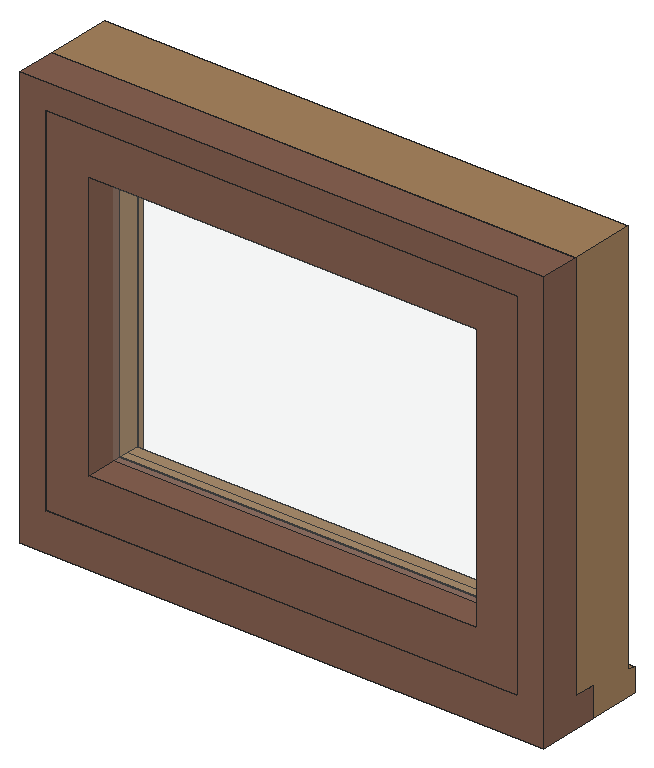
Revit family "Window-Hopper-Duratherm-Wood1", category Windows, host Wall, Revit 2013
Parameters (values of type "30" x 24"")
  Visible Light Transmission = 0.7  # constant formula
  URL = "www.durathermwindow.com"
  U Value = 0.33  # constant formula
  Type Comments = "30\" x 24\" Hopper Wood Window with Lever Handle Operator"
  Style = "Hopper"  # constant formula
  Solar Heat Gain Coefficient = 0.38  # constant formula
  Screen Frame Material [instance] = Aluminum - Duratherm - Dark Bronze Anodized - EV5
  Rough Width = Width + 0' 1"  # 2' - 7"
  Rough Height = Height + 0' 1"  # 2' - 1"
  R Value = 3.03  # constant formula
  Product Documentation Link = "http://www.durathermwindow.com/windows/hopper"
  Operation = "Hopper"  # constant formula
  Swing Open Distance = (Height - 0' 6 3/4") / 2  # 0' - 8 5/8"
  Model = "Hopper"
  Manufacturer = "Duratherm Window Corporation"  # constant formula
  LEED Credit = "MR Credit 7"  # constant formula
  Interior Material [instance] = Wood - Duratherm - SAPMAH - Sapele Mahogany
  Height = if(Desired Height < 1' 6", 1' 6", Desired Height)  # 2' - 0"
  Glazing Opening Size SF = (Width - 0' 7 3/8") * (Height - 0' 8 1/8")  # 2.49425 SF
  Glazing Material [instance] = Glass ‐ Duratherm ‐ Solarban 60
  Glazing = "Low E"  # constant formula
  Frame Inset Distance from Interior Wall Face [instance] = 0' - 0"
  Frame Depth [instance] = if(Custom Frame Depth Desired, if(Custom Frame Depth < 0' 6 1/4", 0' 6 1/4", Custom Frame Depth), 0' 6 1/4")  # 0' - 6 1/4"
  Exterior Material [instance] = Wood - Duratherm - TEAK - Teak
  Energy Star Zone = "N,NC,SC,S"  # constant formula
  Desired Width = 2' - 6"
  Desired Height = 2' - 0"
  Design Pressure = "DP60"  # constant formula
  Description = "Wood hopper window with 1\" insulated glazing. Contact manufacturer for customized needs."
  Default Sill Height = 3' - 0"
  Wall Closure = By host
  Width = if(Desired Width < 1' 6", 1' 6", Desired Width)  # 2' - 6"
  Custom Frame Depth Desired [instance] = no
  Custom Frame Depth [instance] = 0' - 10"
  Assembly Code = "B2020130"
  Air Leakage = 0.007  # constant formula
Reference planes (in)
  plane 1 "Center (Front/Back)": y = 0
  plane 2: z = 0
  plane 3 "Center (Left/Right)": x = 0
  plane 4 "Left Rough Opening": x = -15.5
  plane 5 "Right Rough Opening": x = 15.5
  plane 6 "Sill Rough Opening": z = 35.5
  plane 7 "Head Rough Opening": z = 60.5
  plane 8 "Left Frame Edge": x = -15
  plane 9 "Left Frame Glazing Side": x = -14
  plane 10 "Left Glazing Edge": x = -11.5
  plane 11 "Right Frame Edge": x = 15
  plane 12 "Right Frame Glazing Side": x = 14
  plane 13 "Right Glazing Edge": x = 11.5
  plane 14 "Interior Face of Glazing": y = -3.125
  plane 15 "Exterior Edge of Frame": y = 1.25
  plane 16 "Interior Edge of Frame": y = -5
  plane 17 "Exterior Face of Sill Nosing": y = 1.75
  plane 18 "Exterior Face of Glazing": y = -2.125
  plane 19 "Glazing Centerline": y = -2.625
  plane 20 "Sash Exterior Face": y = -1.375
  plane 21 "Sash Interior Face": y = -4.9375
  plane 22 "Screen Frame Exterior Face": y = -0.125
  plane 23 "Screen Face": y = -0.375
  plane 24 "Screen Frame Left Edge": x = -12.4375
  plane 25 "Screen Frame Right Edge": x = 12.4375
  plane 26 "Head Frame Edge": z = 60
  plane 27 "Head Frame Glazing Side": z = 59
  plane 28 "Screen Frame Head Edge": z = 57.4375
  plane 29 "Head Glazing Edge": z = 56.3125
  plane 30 "Sill Frame Edge": z = 36
  plane 31 "Top of Sill Nosing": z = 36.875
  plane 32 "Top of Sill Interior Side": z = 37.75
  plane 33 "Sill Glazing Edge": z = 40.4375
  plane 34 "Screen Frame Sill Bottom Edge": z = 37.25
  plane 35 "Inner Swing Open Edge": y = -11.75
  plane 36 "Head Exterior Trim Bottom Edge": z = 58.25
  plane 37 "Screen Frame Sill Top Edge": z = 38.25
  plane 38 "Left Interior Trim Screen Side": x = -13.25
  plane 39 "Right Interior Trim Screen Side": x = 13.25
Forms (in)
  Sweep 1, solid, material "Wood - Duratherm - TEAK - Teak" <- "Exterior Material"
    path origin (0, -2.625, 0) x (-1, 0, 0) y (0, 0, 1)
      loop
        line (15.5, 35.5) -> (15.5, 60.5) -> (-15.5, 60.5) -> (-15.5, 35.5)
    profile origin (-15.5, -2.625, 48) x (1, 0, 0) y (0, 1, 0)
      loop
        line (2.25, 3.875) -> (0, 3.875) -> (0, 0) -> (1.5, 0) -> (1.5, 1.25) -> (2.25, 1.25) -> (2.25, 3.875)
  Sweep 2, solid, material "Wood - Duratherm - SAPMAH - Sapele Mahogany" <- "Interior Material"
    path origin (0, -2.625, 0) x (-1, 0, 0) y (0, 0, 1)
      loop
        line (15.5, 35.5) -> (15.5, 60.5) -> (-15.5, 60.5) -> (-15.5, 35.5)
    profile origin (-15.5, -2.625, 48) x (1, 0, 0) y (0, 1, 0)
      loop
        line (1.5, 0) -> (0, 0) -> (0, -2.375) -> (1.5, -2.375) -> (1.5, 0)
  Extrusion 3, solid, material "Wood - Duratherm - SAPMAH - Sapele Mahogany" <- "Interior Material"
    sketch origin (0, 0, 0) x (0, 1, 0) y (0, 0, 1)
      loop
        line (-5, 35.5) -> (-1.375, 35.5) -> (-1.375, 37.25) -> (-2.625, 37.25) -> (-2.625, 37.75) -> (-5, 37.75) -> (-5, 35.5)
    from -15.5 to 15.5
  Extrusion 4, solid, material "Wood - Duratherm - TEAK - Teak" <- "Exterior Material"
    sketch origin (0, 0, 0) x (0, 1, 0) y (0, 0, 1)
      loop
        line (-1.375, 35.5) -> (1.75, 35.5) -> (1.75, 36.875) -> (-0.375, 37.25) -> (-0.375, 38.4375) -> (-1.375, 38.875) -> (-1.375, 35.5)
    from -15.5 to 15.5
  Extrusion 5, solid, material "Wood - Duratherm - SAPMAH - Sapele Mahogany" <- "Interior Material"
    sketch origin (0, -2.625, 0) x (-1, 0, 0) y (0, 0, 1)
      loop
        line (-14, 37.75) -> (14, 37.75) -> (14, 59) -> (-14, 59) -> (-14, 37.75)
      loop
        line (-11.5, 40.4375) -> (11.5, 40.4375) -> (11.5, 56.3125) -> (-11.5, 56.3125) -> (-11.5, 40.4375)
    from -2.3125 to 0
  Extrusion 6, solid, material "Wood - Duratherm - TEAK - Teak" <- "Exterior Material"
    sketch origin (2.5, -2.625, 0) x (-1, 0, 0) y (0, 0, 1)
      loop
        line (-11.5, 37.25) -> (15.75, 37.25) -> (15.75, 59) -> (-11.5, 59) -> (-11.5, 37.25)
      loop
        line (-9, 40.4375) -> (14, 40.4375) -> (14, 56.3125) -> (-9, 56.3125) -> (-9, 40.4375)
    from 0 to 1.25
  Extrusion 7, solid, material "Glass ‐ Duratherm ‐ Solarban 60" <- "Glazing Material"
    sketch origin (0, -2.625, 0) x (-1, 0, 0) y (0, 0, 1)
      loop
        line (-11.5, 40.4375) -> (11.5, 40.4375) -> (11.5, 56.3125) -> (-11.5, 56.3125) -> (-11.5, 40.4375)
    from -0.5 to 0.5
  Extrusion 8, solid, material "Aluminum - Duratherm - Dark Bronze Anodized - EV5" <- "Screen Frame Material", detail levels fine
    sketch origin (0, -0.125, 0) x (-1, 0, 0) y (0, 0, 1)
      loop
        line (-13.25, 37.25) -> (13.25, 37.25) -> (13.25, 58.25) -> (-13.25, 58.25) -> (-13.25, 37.25)
      loop
        line (-12.4375, 38.25) -> (12.4375, 38.25) -> (12.4375, 57.4375) -> (-12.4375, 57.4375) -> (-12.4375, 38.25)
    from -0.25 to 0
Cuts and joins
  joined: Sweep 2, Extrusion 3
  joined: Sweep 1, Extrusion 4
Lines and regions (in)
  Opening 1
    outline origin (-60, -5, 0) x (1, 0, 0) y (0, 0, 1)
      loop
        line (44.5, 60.5) -> (44.5, 35.5) -> (75.5, 35.5) -> (75.5, 60.5) -> (44.5, 60.5)
  Masking region 1
    outline origin (0, -2.625, 0) x (-1, 0, 0) y (0, 0, 1)
      loop
        line (-15.5, 35.5) -> (15.5, 35.5) -> (15.5, 60.5) -> (-15.5, 60.5) -> (-15.5, 35.5)
  Masking region 2, detail levels coarse
    outline origin (0, 0, 35.5) x (0, -1, 0) y (1, 0, 0)
      loop
        line (5, -15.5) -> (5, -11.5) -> (-1.25, -11.5) -> (-1.25, -15.5) -> (5, -15.5)
  Masking region 3, detail levels coarse
    outline origin (0, 0, 35.5) x (0, -1, 0) y (1, 0, 0)
      loop
        line (5, 11.5) -> (5, 15.5) -> (-1.25, 15.5) -> (-1.25, 11.5) -> (5, 11.5)
  Masking region 4, detail levels coarse
    outline origin (0, 0, 0) x (0, 1, 0) y (0, 0, 1)
      loop
        line (-5, 60.5) -> (-5, 56.3125) -> (1.25, 56.3125) -> (1.25, 60.5) -> (-5, 60.5)
  Masking region 5, detail levels coarse
    outline origin (0, 0, 0) x (0, 1, 0) y (0, 0, 1)
      loop
        line (-5, 35.5) -> (1.25, 35.5) -> (1.25, 40.4375) -> (-5, 40.4375) -> (-5, 35.5)
  Masking region 6, detail levels medium+fine
    outline origin (0, 0, 35.5) x (0, -1, 0) y (1, 0, 0)
      loop
        line (5, -15.5) -> (5, -14) -> (-1.25, -14) -> (-1.25, -15.5) -> (5, -15.5)
  Masking region 7, detail levels medium+fine
    outline origin (0, 0, 35.5) x (0, -1, 0) y (1, 0, 0)
      loop
        line (5, 14) -> (5, 15.5) -> (-1.25, 15.5) -> (-1.25, 14) -> (5, 14)
  Masking region 8, detail levels medium
    outline origin (0, 0, 35.5) x (0, -1, 0) y (1, 0, 0)
      loop
        line (4.9375, -14) -> (4.9375, -11.5) -> (1.375, -11.5) -> (1.375, -13.25) -> (-1.25, -13.25) -> (-1.25, -14) -> (4.9375, -14)
  Masking region 9, detail levels medium
    outline origin (0, 0, 35.5) x (0, -1, 0) y (1, 0, 0)
      loop
        line (4.9375, 11.5) -> (4.9375, 14) -> (-1.25, 14) -> (-1.25, 13.25) -> (1.375, 13.25) -> (1.375, 11.5) -> (4.9375, 11.5)
  Masking region 10, detail levels fine
    outline origin (4.85621, -2.70709, 35.5) x (0, -1, 0) y (1, 0, 0)
      loop
        line (2.23041, -18.85621) -> (2.23041, -16.35621) -> (0.41791, -16.35621) -> (0.41791, -16.85621) -> (-0.58209, -16.85621) -> (-0.58209, -16.35621) -> (-1.33209, -16.35621) -> (-1.33209, -18.10621) -> (-3.95709, -18.10621) -> (-3.95709, -18.85621) -> (2.23041, -18.85621)
  Masking region 11, detail levels fine
    outline origin (-1.51554, 0.875, 35.5) x (0, -1, 0) y (1, 0, 0)
      loop
        line (5.8125, 13.01554) -> (5.8125, 15.51554) -> (-0.375, 15.51554) -> (-0.375, 14.76554) -> (2.25, 14.76554) -> (2.25, 13.01554) -> (3, 13.01554) -> (3, 13.51554) -> (4, 13.51554) -> (4, 13.01554) -> (5.8125, 13.01554)
  Masking region 12, detail levels medium
    outline origin (0, 0, 0) x (0, 1, 0) y (0, 0, 1)
      loop
        line (-5, 35.5) -> (1.25, 35.5) -> (1.25, 37.25) -> (-0.375, 37.25) -> (-0.375, 38.25) -> (-1.375, 38.25) -> (-1.375, 40.4375) -> (-5, 40.4375) -> (-5, 35.5)
  Masking region 13, detail levels fine
    outline origin (0, 0, 0) x (0, 1, 0) y (0, 0, 1)
      loop
        line (-5, 35.5) -> (1.75, 35.5) -> (1.75, 36.875) -> (-0.125, 37.25) -> (-0.125, 38.25) -> (-0.375, 38.25) -> (-0.375, 38.4375) -> (-1.375, 38.875) -> (-1.375, 40.4375) -> (-2.125, 40.4375) -> (-2.125, 39.9375) -> (-3.125, 39.9375) -> (-3.125, 40.4375) -> (-5, 40.4375) -> (-5, 35.5)
  Masking region 14, detail levels medium
    outline origin (0, 0, 0) x (0, 1, 0) y (0, 0, 1)
      loop
        line (-5, 56.3125) -> (-1.375, 56.3125) -> (-1.375, 58.25) -> (1.25, 58.25) -> (1.25, 60.5) -> (-5, 60.5) -> (-5, 56.3125)
  Masking region 15, detail levels fine
    outline origin (0, 0, 0) x (0, 1, 0) y (0, 0, 1)
      loop
        line (-5, 60.5) -> (-5, 56.3125) -> (-3.125, 56.3125) -> (-3.125, 56.8125) -> (-2.125, 56.8125) -> (-2.125, 56.3125) -> (-1.375, 56.3125) -> (-1.375, 58.25) -> (-0.125, 58.25) -> (-0.125, 59) -> (1.25, 59) -> (1.25, 60.5) -> (-5, 60.5)
  symbolic lines, style "WindowsGlassProjection"
    curve 1: line (11.5, -2.625, 40.4375) -> (-11.5, -2.625, 40.4375)
    curve 2: line (11.5, -2.625, 56.3125) -> (11.5, -2.625, 40.4375)
    curve 3: line (-11.5, -2.625, 56.3125) -> (11.5, -2.625, 56.3125)
    curve 4: line (-11.5, -2.625, 40.4375) -> (-11.5, -2.625, 56.3125)
  symbolic lines, style "WindowsGlassProjection", detail levels fine
    curve 5: line (12.4375, -0.125, 57.4375) -> (12.4375, -0.125, 38.25)
    curve 6: line (-12.4375, -0.125, 57.4375) -> (12.4375, -0.125, 57.4375)
    curve 7: line (-12.4375, -0.125, 38.25) -> (-12.4375, -0.125, 57.4375)
    curve 29: line (-12, -2.375, 35.5) -> (12, -2.375, 35.5)
    curve 30: line (-12, -2.875, 35.5) -> (12, -2.875, 35.5)
    curve 37: line (0, -0.375, 58.25) -> (0, -0.375, 38.4375)
    curve 43: line (0, -2.875, 56.8125) -> (0, -2.875, 39.9375)
    curve 44: line (0, -2.375, 56.8125) -> (0, -2.375, 39.9375)
  symbolic lines, style "WindowsFrameMullionProjection", detail levels fine
    curve 8: line (15, -2.625, 36) -> (-15, -2.625, 36)
    curve 9: line (15, -2.625, 60) -> (15, -2.625, 36)
    curve 10: line (-15, -2.625, 60) -> (15, -2.625, 60)
    curve 11: line (-15, -2.625, 36) -> (-15, -2.625, 60)
    curve 13: line (13.25, 1.25, 37.25) -> (-13.25, 1.25, 37.25)
    curve 27: line (-15, -5, 35.5) -> (-15, 1.25, 35.5)
    curve 28: line (15, 1.25, 35.5) -> (15, -5, 35.5)
    curve 36: line (0, -5, 59) -> (0, -1.375, 59)
    curve 40: line (0, -5, 60) -> (0, 1.25, 60)
    curve 41: line (0, -5, 36) -> (0, 1.75, 36)
    curve 46: line (12.4375, -0.125, 38.25) -> (-12.4375, -0.125, 38.25)
    curve 48: line (0, -1.375, 37.75) -> (0, -1.375, 38.875)
  symbolic lines, style "WindowsFrameMullionProjection", detail levels medium+fine
    curve 12: line (15, 1.75, 36.875) -> (-15, 1.75, 36.875)
    curve 14: line (13.25, 1.25, 58.25) -> (13.25, 1.25, 36.875)
    curve 15: line (-13.25, 1.25, 36.875) -> (-13.25, 1.25, 58.25)
    curve 16: line (14, -5, 36.875) -> (-14, -5, 36.875)
    curve 17: line (14, -5, 59) -> (14, -5, 36.875)
    curve 18: line (-14, -5, 59) -> (14, -5, 59)
    curve 19: line (-14, -5, 36.875) -> (-14, -5, 59)
    curve 47: line (0, -5, 37.75) -> (0, -1.375, 37.75)
    curve 50: line (0, -5, 59) -> (0, -1.375, 59)
    curve 51: line (0, -1.375, 59) -> (0, -1.375, 58.25)
  symbolic lines, style "WindowsFrameMullionProjection", detail levels medium
    curve 20: line (15.5, 1.75, 36.875) -> (15, 1.75, 36.875)
    curve 21: line (-15, 1.75, 36.875) -> (-15.5, 1.75, 36.875)
    curve 42: line (0, -5, 59) -> (0, -1.375, 59)
    curve 49: line (0, -1.375, 37.75) -> (0, -1.375, 38.25)
  symbolic lines, style "Elevation Swing", detail levels medium+fine
    curve 22: line (11.5, -2.625, 56.3125) -> (0, -2.625, 40.4375)
    curve 23: line (-11.5, -2.625, 56.3125) -> (0, -2.625, 40.4375)
  symbolic lines, style "WindowsGlassProjection", detail levels coarse
    curve 24: line (-11.5, -2.625, 35.5) -> (11.5, -2.625, 35.5)
    curve 35: line (0, -2.625, 40.4375) -> (0, -2.625, 56.3125)
  symbolic lines, style "WindowsGlassProjection", detail levels medium+fine
    curve 25: line (-11.5, -2.125, 35.5) -> (11.5, -2.125, 35.5)
    curve 26: line (-11.5, -3.125, 35.5) -> (11.5, -3.125, 35.5)
    curve 31: line (-13.25, -0.375, 35.5) -> (13.25, -0.375, 35.5)
    curve 38: line (0, -3.125, 56.3125) -> (0, -3.125, 40.4375)
    curve 39: line (0, -2.125, 56.3125) -> (0, -2.125, 40.4375)
  symbolic lines, style "Plan Swing", detail levels medium+fine
    curve 32: line (-14, 1.25, 35.5) -> (-14, -11.75, 35.5)
    curve 33: line (-14, -11.75, 35.5) -> (14, -11.75, 35.5)
    curve 34: line (14, -11.75, 35.5) -> (14, 1.25, 35.5)
  symbolic lines, detail levels medium+fine
    curve 45: line (13.25, 1.25, 58.25) -> (-13.25, 1.25, 58.25)
Text (in)
  text "EXTERIOR" at (-58.6888, 50.90694, 0), in view "Ref. Level"
  text "INTERIOR" at (-58.6888, -37.76638, 0), in view "Ref. Level"
  text "Exterior" at (0, 43.65631, 123.19604), in view "Left"
  text "Exterior" at (0, 18.29385, 125.04747), in view "Right"
Dimensions and locks (in)
  equal spacing: plane 4 "Left Rough Opening", plane 3 "Center (Left/Right)", plane 5 "Right Rough Opening"
  "Width": plane 8 "Left Frame Edge" to plane 11 "Right Frame Edge"
  "Height": plane 30 "Sill Frame Edge" to plane 26 "Head Frame Edge"
  "Default Sill Height": plane 2 to plane 30 "Sill Frame Edge"
  locked: plane 4 "Left Rough Opening" to plane 8 "Left Frame Edge" at 0.5
  locked: plane 11 "Right Frame Edge" to plane 5 "Right Rough Opening" at 0.5
  plane 18 "Exterior Face of Glazing" to plane 19 "Glazing Centerline" to plane 14 "Interior Face of Glazing" = 0' - 0 1/2" locked, 0' - 0 1/2" locked
  "Frame Depth": plane 15 "Exterior Edge of Frame" to plane 16 "Interior Edge of Frame"
  locked: plane 17 "Exterior Face of Sill Nosing" to plane 15 "Exterior Edge of Frame" at 0.5
  "Frame Inset Distance from Interior Wall Face": host wall to plane 16 "Interior Edge of Frame"
  locked: plane 20 "Sash Exterior Face" to plane 19 "Glazing Centerline" at 1.25
  locked: plane 20 "Sash Exterior Face" to plane 21 "Sash Interior Face" at 3.5625
  locked: plane 8 "Left Frame Edge" to plane 10 "Left Glazing Edge" at 3.5
  locked: plane 13 "Right Glazing Edge" to plane 11 "Right Frame Edge" at 3.5
  locked: plane 8 "Left Frame Edge" to plane 9 "Left Frame Glazing Side" at 1
  locked: plane 12 "Right Frame Glazing Side" to plane 11 "Right Frame Edge" at 1
  locked: plane 8 "Left Frame Edge" to plane 24 "Screen Frame Left Edge" at 2.5625
  locked: plane 25 "Screen Frame Right Edge" to plane 11 "Right Frame Edge" at 2.5625
  locked: plane 26 "Head Frame Edge" to plane 7 "Head Rough Opening" at 0.5
  locked: plane 6 "Sill Rough Opening" to plane 30 "Sill Frame Edge" at 0.5
  locked: plane 29 "Head Glazing Edge" to plane 26 "Head Frame Edge" at 3.6875
  plane 27 "Head Frame Glazing Side" to plane 26 "Head Frame Edge" = 0' - 1"
  locked: plane 28 "Screen Frame Head Edge" to plane 26 "Head Frame Edge" at 2.5625
  locked: plane 30 "Sill Frame Edge" to plane 33 "Sill Glazing Edge" at 4.4375
  locked: plane 30 "Sill Frame Edge" to plane 31 "Top of Sill Nosing" at 0.875
  locked: plane 30 "Sill Frame Edge" to plane 32 "Top of Sill Interior Side" at 1.75
  locked: curve 30 to plane 14 "Interior Face of Glazing" at 0.25
  locked: plane 18 "Exterior Face of Glazing" to curve 29 at 0.25
  locked: plane 14 "Interior Face of Glazing" to curve 43 at 0.25
  locked: curve 44 to plane 18 "Exterior Face of Glazing" at 0.25
  locked: plane 15 "Exterior Edge of Frame" to plane 19 "Glazing Centerline" at 3.875
  locked: plane 22 "Screen Frame Exterior Face" to plane 23 "Screen Face" at 0.25
  locked: plane 15 "Exterior Edge of Frame" to plane 22 "Screen Frame Exterior Face" at 1.375
  "Swing Open Distance": plane 14 "Interior Face of Glazing" to plane 35 "Inner Swing Open Edge"
  locked: plane 36 "Head Exterior Trim Bottom Edge" to plane 26 "Head Frame Edge" at 1.75
  locked: plane 30 "Sill Frame Edge" to plane 37 "Screen Frame Sill Top Edge" at 2.25
  locked: plane 30 "Sill Frame Edge" to plane 34 "Screen Frame Sill Bottom Edge" at 1.25
  locked: plane 8 "Left Frame Edge" to plane 38 "Left Interior Trim Screen Side" at 1.75
  locked: plane 39 "Right Interior Trim Screen Side" to plane 11 "Right Frame Edge" at 1.75
  locked: Extrusion 4 sketch curve to plane 30 "Sill Frame Edge" at 2.875
  locked: Extrusion 4 sketch curve to plane 30 "Sill Frame Edge" at 2.4375
  locked: Masking region 10 sketch curve to plane 10 "Left Glazing Edge" at 0.5
  locked: plane 13 "Right Glazing Edge" to Masking region 11 sketch curve at 0.5
  locked: plane 33 "Sill Glazing Edge" to Masking region 13 sketch curve at 0.5
  locked: Masking region 15 sketch curve to plane 29 "Head Glazing Edge" at 0.5
  aligned and locked: plane 7 "Head Rough Opening" to Opening 1 sketch curve
  aligned and locked: plane 6 "Sill Rough Opening" to Opening 1 sketch curve  (x2)
  aligned and locked: plane 5 "Right Rough Opening" to Opening 1 sketch curve
  aligned and locked: plane 4 "Left Rough Opening" to Opening 1 sketch curve
  aligned and locked: level to plane 2
  aligned and locked: Sweep 1 sketch curve to plane 5 "Right Rough Opening"
  aligned and locked: Sweep 1 sketch curve to plane 7 "Head Rough Opening"
  aligned and locked: plane 4 "Left Rough Opening" to Sweep 1 sketch curve
  aligned and locked: plane 6 "Sill Rough Opening" to Sweep 1 sketch curve  (x2)
  aligned and locked: profile plane to Sweep 1 sketch curve
  aligned and locked: plane 15 "Exterior Edge of Frame" to Sweep 1 sketch curve
  aligned and locked: Sweep 2 sketch curve to plane 5 "Right Rough Opening"
  aligned and locked: Sweep 2 sketch curve to plane 7 "Head Rough Opening"
  aligned and locked: plane 4 "Left Rough Opening" to Sweep 2 sketch curve  (x2)
  aligned and locked: plane 6 "Sill Rough Opening" to Sweep 2 sketch curve  (x2)
  aligned and locked: plane 9 "Left Frame Glazing Side" to Sweep 2 sketch curve
  aligned and locked: Sweep 2 sketch curve to plane 16 "Interior Edge of Frame"
  aligned and locked: plane 19 "Glazing Centerline" to Sweep 2 sketch curve
  aligned and locked: plane 6 "Sill Rough Opening" to Extrusion 3 sketch curve
  aligned and locked: Extrusion 3 sketch curve to plane 16 "Interior Edge of Frame"
  aligned and locked: plane 32 "Top of Sill Interior Side" to Extrusion 3 sketch curve
  aligned and locked: Extrusion 3 to plane 5 "Right Rough Opening"
  aligned and locked: plane 4 "Left Rough Opening" to Extrusion 3
  aligned and locked: Extrusion 4 sketch curve to plane 6 "Sill Rough Opening"
  aligned and locked: Extrusion 4 sketch curve to plane 17 "Exterior Face of Sill Nosing"
  aligned and locked: plane 31 "Top of Sill Nosing" to Extrusion 4 sketch curve
  aligned and locked: Extrusion 4 to plane 5 "Right Rough Opening"
  aligned and locked: plane 4 "Left Rough Opening" to Extrusion 4
  aligned and locked: plane 12 "Right Frame Glazing Side" to Extrusion 5 sketch curve
  aligned and locked: Extrusion 5 sketch curve to plane 9 "Left Frame Glazing Side"
  aligned and locked: plane 27 "Head Frame Glazing Side" to Extrusion 5 sketch curve
  aligned and locked: Extrusion 5 sketch curve to plane 32 "Top of Sill Interior Side"
  aligned and locked: plane 29 "Head Glazing Edge" to Extrusion 5 sketch curve
  aligned and locked: Extrusion 5 sketch curve to plane 33 "Sill Glazing Edge"
  aligned and locked: plane 13 "Right Glazing Edge" to Extrusion 5 sketch curve
  aligned and locked: Extrusion 5 sketch curve to plane 10 "Left Glazing Edge"
  aligned and locked: Extrusion 5 to plane 21 "Sash Interior Face"
  aligned and locked: plane 19 "Glazing Centerline" to Extrusion 5
  aligned and locked: plane 12 "Right Frame Glazing Side" to Extrusion 6 sketch curve
  aligned and locked: Extrusion 6 sketch curve to plane 34 "Screen Frame Sill Bottom Edge"
  aligned and locked: Extrusion 6 sketch curve to plane 33 "Sill Glazing Edge"
  aligned and locked: plane 13 "Right Glazing Edge" to Extrusion 6 sketch curve
  aligned and locked: Extrusion 6 sketch curve to plane 10 "Left Glazing Edge"
  aligned and locked: plane 27 "Head Frame Glazing Side" to Extrusion 6 sketch curve
  aligned and locked: plane 29 "Head Glazing Edge" to Extrusion 6 sketch curve
  aligned and locked: Extrusion 6 to plane 19 "Glazing Centerline"
  aligned and locked: plane 20 "Sash Exterior Face" to Extrusion 6
  aligned and locked: plane 13 "Right Glazing Edge" to Extrusion 7 sketch curve
  aligned and locked: plane 29 "Head Glazing Edge" to Extrusion 7 sketch curve
  aligned and locked: Extrusion 7 sketch curve to plane 10 "Left Glazing Edge"
  aligned and locked: Extrusion 7 to plane 14 "Interior Face of Glazing"
  aligned and locked: plane 18 "Exterior Face of Glazing" to Extrusion 7
  aligned and locked: Masking region 1 sketch curve to plane 5 "Right Rough Opening"
  aligned and locked: plane 4 "Left Rough Opening" to Masking region 1 sketch curve
  aligned and locked: Masking region 1 sketch curve to plane 7 "Head Rough Opening"
  aligned and locked: plane 6 "Sill Rough Opening" to Masking region 1 sketch curve
  aligned and locked: plane 13 "Right Glazing Edge" to curve 2
  aligned and locked: curve 4 to plane 10 "Left Glazing Edge"
  aligned and locked: curve 1 to plane 33 "Sill Glazing Edge"
  aligned and locked: plane 25 "Screen Frame Right Edge" to curve 5
  aligned and locked: plane 28 "Screen Frame Head Edge" to curve 6
  aligned and locked: curve 7 to plane 24 "Screen Frame Left Edge"
  aligned and locked: plane 11 "Right Frame Edge" to curve 9
  aligned and locked: plane 26 "Head Frame Edge" to curve 10
  aligned and locked: curve 11 to plane 8 "Left Frame Edge"
  aligned and locked: curve 8 to plane 30 "Sill Frame Edge"
  aligned and locked: curve 12 to plane 31 "Top of Sill Nosing"
  aligned and locked: curve 13 to plane 34 "Screen Frame Sill Bottom Edge"
  aligned and locked: plane 31 "Top of Sill Nosing" to curve 14
  aligned and locked: plane 31 "Top of Sill Nosing" to curve 15
  aligned and locked: plane 12 "Right Frame Glazing Side" to curve 17
  aligned and locked: plane 27 "Head Frame Glazing Side" to curve 18
  aligned and locked: curve 19 to plane 9 "Left Frame Glazing Side"
  aligned and locked: curve 16 to plane 31 "Top of Sill Nosing"
  aligned and locked: plane 5 "Right Rough Opening" to curve 20
  aligned and locked: plane 11 "Right Frame Edge" to curve 20
  aligned and locked: curve 20 to plane 31 "Top of Sill Nosing"
  aligned and locked: plane 4 "Left Rough Opening" to curve 21
  aligned and locked: plane 8 "Left Frame Edge" to curve 21
  aligned and locked: curve 21 to plane 31 "Top of Sill Nosing"
  aligned and locked: plane 3 "Center (Left/Right)" to curve 22
  aligned and locked: plane 10 "Left Glazing Edge" to Extrusion 6  (x2)
  aligned and locked: plane 4 "Left Rough Opening" to Masking region 2 sketch curve
  aligned and locked: plane 10 "Left Glazing Edge" to Masking region 2 sketch curve
  aligned and locked: plane 15 "Exterior Edge of Frame" to Masking region 2 sketch curve
  aligned and locked: Masking region 2 sketch curve to plane 16 "Interior Edge of Frame"
  aligned and locked: Masking region 3 sketch curve to plane 5 "Right Rough Opening"
  aligned and locked: Masking region 3 sketch curve to plane 13 "Right Glazing Edge"
  aligned and locked: plane 15 "Exterior Edge of Frame" to Masking region 3 sketch curve
  aligned and locked: Masking region 3 sketch curve to plane 16 "Interior Edge of Frame"
  aligned and locked: plane 10 "Left Glazing Edge" to curve 24
  aligned and locked: plane 13 "Right Glazing Edge" to curve 24
  aligned and locked: curve 24 to plane 19 "Glazing Centerline"
  aligned and locked: plane 10 "Left Glazing Edge" to curve 25
  aligned and locked: plane 10 "Left Glazing Edge" to curve 26
  aligned and locked: plane 13 "Right Glazing Edge" to curve 25
  aligned and locked: plane 13 "Right Glazing Edge" to curve 26
  aligned and locked: curve 26 to plane 14 "Interior Face of Glazing"
  aligned and locked: curve 25 to plane 18 "Exterior Face of Glazing"
  aligned and locked: plane 15 "Exterior Edge of Frame" to curve 27
  aligned and locked: plane 16 "Interior Edge of Frame" to curve 27
  aligned and locked: plane 8 "Left Frame Edge" to curve 27
  aligned and locked: plane 16 "Interior Edge of Frame" to curve 28
  aligned and locked: curve 28 to plane 11 "Right Frame Edge"
  aligned and locked: curve 31 to plane 23 "Screen Face"
  aligned and locked: curve 33 to plane 35 "Inner Swing Open Edge"
  aligned and locked: curve 34 to plane 12 "Right Frame Glazing Side"
  aligned and locked: Masking region 4 sketch curve to plane 15 "Exterior Edge of Frame"
  aligned and locked: plane 16 "Interior Edge of Frame" to Masking region 4 sketch curve
  aligned and locked: plane 7 "Head Rough Opening" to Masking region 4 sketch curve
  aligned and locked: plane 29 "Head Glazing Edge" to Masking region 4 sketch curve
  aligned and locked: plane 29 "Head Glazing Edge" to curve 35
  aligned and locked: plane 33 "Sill Glazing Edge" to curve 35
  aligned and locked: plane 19 "Glazing Centerline" to curve 35
  aligned and locked: Masking region 5 sketch curve to plane 16 "Interior Edge of Frame"
  aligned and locked: plane 6 "Sill Rough Opening" to Masking region 5 sketch curve
  aligned and locked: plane 15 "Exterior Edge of Frame" to Masking region 5 sketch curve
  aligned and locked: plane 33 "Sill Glazing Edge" to Masking region 5 sketch curve
  aligned and locked: plane 16 "Interior Edge of Frame" to curve 36
  aligned and locked: plane 29 "Head Glazing Edge" to curve 39
  aligned and locked: plane 29 "Head Glazing Edge" to curve 38
  aligned and locked: plane 33 "Sill Glazing Edge" to curve 39
  aligned and locked: plane 33 "Sill Glazing Edge" to curve 38
  aligned and locked: curve 37 to plane 23 "Screen Face"
  aligned and locked: curve 39 to plane 18 "Exterior Face of Glazing"
  aligned and locked: curve 38 to plane 14 "Interior Face of Glazing"
  aligned and locked: plane 16 "Interior Edge of Frame" to curve 40
  aligned and locked: plane 15 "Exterior Edge of Frame" to curve 40
  aligned and locked: curve 40 to plane 26 "Head Frame Edge"
  aligned and locked: plane 16 "Interior Edge of Frame" to curve 41
  aligned and locked: plane 17 "Exterior Face of Sill Nosing" to curve 41
  aligned and locked: curve 41 to plane 30 "Sill Frame Edge"
  aligned and locked: plane 16 "Interior Edge of Frame" to curve 42
  aligned and locked: curve 42 to plane 27 "Head Frame Glazing Side"
  aligned and locked: Extrusion 6 to plane 13 "Right Glazing Edge"
  aligned and locked: Extrusion 6 to plane 29 "Head Glazing Edge"
  aligned and locked: plane 33 "Sill Glazing Edge" to Extrusion 6
  aligned and locked: Extrusion 6 to plane 34 "Screen Frame Sill Bottom Edge"
  aligned and locked: plane 31 "Top of Sill Nosing" to cut or joined group of Sweep 1, Extrusion 4
  aligned and locked: plane 29 "Head Glazing Edge" to Extrusion 7
  aligned and locked: plane 27 "Head Frame Glazing Side" to Extrusion 6
  aligned and locked: Extrusion 7 to plane 10 "Left Glazing Edge"
  aligned and locked: plane 13 "Right Glazing Edge" to Extrusion 7
  aligned and locked: plane 12 "Right Frame Glazing Side" to Extrusion 6
  aligned and locked: plane 15 "Exterior Edge of Frame" to Masking region 6 sketch curve
  aligned and locked: Masking region 6 sketch curve to plane 16 "Interior Edge of Frame"
  aligned and locked: plane 4 "Left Rough Opening" to Masking region 6 sketch curve
  aligned and locked: plane 9 "Left Frame Glazing Side" to Masking region 6 sketch curve
  aligned and locked: plane 15 "Exterior Edge of Frame" to Masking region 7 sketch curve
  aligned and locked: Masking region 7 sketch curve to plane 16 "Interior Edge of Frame"
  aligned and locked: Masking region 7 sketch curve to plane 5 "Right Rough Opening"
  aligned and locked: Masking region 7 sketch curve to plane 12 "Right Frame Glazing Side"
  aligned and locked: plane 13 "Right Glazing Edge" to Extrusion 6
  aligned and locked: plane 29 "Head Glazing Edge" to curve 22
  aligned and locked: plane 10 "Left Glazing Edge" to curve 23
  aligned and locked: plane 29 "Head Glazing Edge" to curve 3
  aligned and locked: plane 33 "Sill Glazing Edge" to curve 23
  aligned and locked: plane 36 "Head Exterior Trim Bottom Edge" to curve 15
  aligned and locked: Extrusion 7 sketch curve to plane 33 "Sill Glazing Edge"
  aligned and locked: plane 20 "Sash Exterior Face" to Extrusion 4 sketch curve
  aligned and locked: plane 20 "Sash Exterior Face" to Extrusion 3 sketch curve
  aligned and locked: plane 34 "Screen Frame Sill Bottom Edge" to Extrusion 3 sketch curve
  aligned and locked: plane 19 "Glazing Centerline" to Extrusion 3 sketch curve
  aligned and locked: Extrusion 8 sketch curve to plane 34 "Screen Frame Sill Bottom Edge"
  aligned and locked: Extrusion 8 sketch curve to plane 37 "Screen Frame Sill Top Edge"
  aligned and locked: plane 28 "Screen Frame Head Edge" to Extrusion 8 sketch curve
  aligned and locked: plane 36 "Head Exterior Trim Bottom Edge" to Extrusion 8 sketch curve
  aligned and locked: Extrusion 8 sketch curve to plane 24 "Screen Frame Left Edge"
  aligned and locked: plane 25 "Screen Frame Right Edge" to Extrusion 8 sketch curve
  aligned and locked: plane 39 "Right Interior Trim Screen Side" to Extrusion 8 sketch curve
  aligned and locked: Extrusion 8 sketch curve to plane 38 "Left Interior Trim Screen Side"
  aligned and locked: Extrusion 8 to plane 23 "Screen Face"
  aligned and locked: plane 22 "Screen Frame Exterior Face" to Extrusion 8
  aligned and locked: plane 9 "Left Frame Glazing Side" to Sweep 1 sketch curve
  aligned and locked: Sweep 1 sketch curve to plane 20 "Sash Exterior Face"
  aligned and locked: Sweep 1 sketch curve to profile plane
  aligned and locked: Sweep 1 sketch curve to plane 38 "Left Interior Trim Screen Side"
  aligned and locked: plane 23 "Screen Face" to Extrusion 4 sketch curve
  aligned and locked: plane 34 "Screen Frame Sill Bottom Edge" to Extrusion 4 sketch curve
  aligned and locked: Extrusion 4 sketch curve to plane 23 "Screen Face"
  aligned and locked: Masking region 8 sketch curve to plane 21 "Sash Interior Face"
  aligned and locked: plane 15 "Exterior Edge of Frame" to Masking region 8 sketch curve
  aligned and locked: Masking region 8 sketch curve to plane 9 "Left Frame Glazing Side"
  aligned and locked: plane 10 "Left Glazing Edge" to Masking region 8 sketch curve
  aligned and locked: plane 38 "Left Interior Trim Screen Side" to Masking region 8 sketch curve
  aligned and locked: plane 20 "Sash Exterior Face" to Masking region 8 sketch curve
  aligned and locked: plane 15 "Exterior Edge of Frame" to Masking region 9 sketch curve
  aligned and locked: Masking region 9 sketch curve to plane 21 "Sash Interior Face"
  aligned and locked: plane 12 "Right Frame Glazing Side" to Masking region 9 sketch curve
  aligned and locked: Masking region 9 sketch curve to plane 13 "Right Glazing Edge"
  aligned and locked: Masking region 9 sketch curve to plane 20 "Sash Exterior Face"
  aligned and locked: plane 39 "Right Interior Trim Screen Side" to Masking region 9 sketch curve
  aligned and locked: plane 38 "Left Interior Trim Screen Side" to curve 31
  aligned and locked: plane 39 "Right Interior Trim Screen Side" to curve 31
  aligned and locked: curve 45 to plane 36 "Head Exterior Trim Bottom Edge"
  aligned and locked: plane 25 "Screen Frame Right Edge" to curve 46
  aligned and locked: curve 46 to plane 37 "Screen Frame Sill Top Edge"
  aligned and locked: plane 39 "Right Interior Trim Screen Side" to curve 14
  aligned and locked: Extrusion 6 to plane 38 "Left Interior Trim Screen Side"
  aligned and locked: curve 15 to plane 38 "Left Interior Trim Screen Side"
  aligned and locked: Masking region 10 sketch curve to plane 9 "Left Frame Glazing Side"
  aligned and locked: plane 38 "Left Interior Trim Screen Side" to Masking region 10 sketch curve
  aligned and locked: plane 10 "Left Glazing Edge" to Masking region 10 sketch curve  (x2)
  aligned and locked: plane 15 "Exterior Edge of Frame" to Masking region 10 sketch curve
  aligned and locked: plane 20 "Sash Exterior Face" to Masking region 10 sketch curve
  aligned and locked: Masking region 10 sketch curve to plane 21 "Sash Interior Face"
  aligned and locked: Masking region 10 sketch curve to plane 14 "Interior Face of Glazing"
  aligned and locked: plane 18 "Exterior Face of Glazing" to Masking region 10 sketch curve
  aligned and locked: Masking region 10 to curve 29
  aligned and locked: Masking region 10 to curve 30
  aligned and locked: plane 15 "Exterior Edge of Frame" to Masking region 11 sketch curve
  aligned and locked: plane 12 "Right Frame Glazing Side" to Masking region 11 sketch curve
  aligned and locked: plane 39 "Right Interior Trim Screen Side" to Masking region 11 sketch curve
  aligned and locked: Masking region 11 sketch curve to plane 13 "Right Glazing Edge"  (x2)
  aligned and locked: Masking region 11 sketch curve to plane 20 "Sash Exterior Face"
  aligned and locked: Masking region 11 sketch curve to plane 21 "Sash Interior Face"
  aligned and locked: plane 14 "Interior Face of Glazing" to Masking region 11 sketch curve
  aligned and locked: Masking region 11 sketch curve to plane 18 "Exterior Face of Glazing"
  aligned and locked: Masking region 11 to curve 29
  aligned and locked: Masking region 11 to curve 30
  aligned and locked: plane 6 "Sill Rough Opening" to Masking region 12 sketch curve
  aligned and locked: plane 15 "Exterior Edge of Frame" to Masking region 12 sketch curve
  aligned and locked: plane 33 "Sill Glazing Edge" to Masking region 12 sketch curve
  aligned and locked: Masking region 12 sketch curve to plane 16 "Interior Edge of Frame"
  aligned and locked: plane 20 "Sash Exterior Face" to Masking region 12 sketch curve
  aligned and locked: plane 37 "Screen Frame Sill Top Edge" to Masking region 12 sketch curve
  aligned and locked: plane 23 "Screen Face" to Masking region 12 sketch curve
  aligned and locked: plane 34 "Screen Frame Sill Bottom Edge" to Masking region 12 sketch curve
  aligned and locked: Masking region 13 sketch curve to plane 6 "Sill Rough Opening"
  aligned and locked: plane 16 "Interior Edge of Frame" to Masking region 13 sketch curve
  aligned and locked: Masking region 13 sketch curve to plane 33 "Sill Glazing Edge"  (x2)
  aligned and locked: Masking region 13 sketch curve to plane 14 "Interior Face of Glazing"
  aligned and locked: plane 18 "Exterior Face of Glazing" to Masking region 13 sketch curve
  aligned and locked: Masking region 13 sketch curve to plane 20 "Sash Exterior Face"
  aligned and locked: Masking region 13 sketch curve to plane 23 "Screen Face"
  aligned and locked: Masking region 13 sketch curve to plane 37 "Screen Frame Sill Top Edge"
  aligned and locked: Masking region 13 sketch curve to plane 22 "Screen Frame Exterior Face"
  aligned and locked: Masking region 13 sketch curve to plane 17 "Exterior Face of Sill Nosing"
  aligned and locked: plane 31 "Top of Sill Nosing" to Masking region 13 sketch curve
  aligned and locked: plane 22 "Screen Frame Exterior Face" to Masking region 13 sketch curve
  aligned and locked: plane 34 "Screen Frame Sill Bottom Edge" to Masking region 13 sketch curve
  aligned and locked: Masking region 13 to curve 43
  aligned and locked: Masking region 13 to curve 44
  aligned and locked: curve 37 to cut or joined group of Sweep 1, Extrusion 4
  aligned and locked: plane 16 "Interior Edge of Frame" to curve 47
  aligned and locked: curve 47 to plane 32 "Top of Sill Interior Side"
  aligned and locked: cut or joined group of Sweep 1, Extrusion 4 to curve 48
  aligned and locked: plane 32 "Top of Sill Interior Side" to curve 49
  aligned and locked: plane 37 "Screen Frame Sill Top Edge" to curve 49
  aligned and locked: plane 20 "Sash Exterior Face" to curve 49
  aligned and locked: Masking region 14 sketch curve to plane 7 "Head Rough Opening"
  aligned and locked: Masking region 14 sketch curve to plane 16 "Interior Edge of Frame"
  aligned and locked: plane 15 "Exterior Edge of Frame" to Masking region 14 sketch curve
  aligned and locked: Masking region 14 sketch curve to plane 29 "Head Glazing Edge"
  aligned and locked: Masking region 14 sketch curve to plane 36 "Head Exterior Trim Bottom Edge"
  aligned and locked: plane 20 "Sash Exterior Face" to Masking region 14 sketch curve
  aligned and locked: plane 16 "Interior Edge of Frame" to curve 50
  aligned and locked: plane 36 "Head Exterior Trim Bottom Edge" to curve 51
  aligned and locked: curve 51 to plane 20 "Sash Exterior Face"
  aligned and locked: curve 50 to plane 27 "Head Frame Glazing Side"
  aligned and locked: plane 16 "Interior Edge of Frame" to Masking region 15 sketch curve
  aligned and locked: plane 7 "Head Rough Opening" to Masking region 15 sketch curve
  aligned and locked: Masking region 15 sketch curve to plane 15 "Exterior Edge of Frame"
  aligned and locked: plane 29 "Head Glazing Edge" to Masking region 15 sketch curve  (x2)
  aligned and locked: Masking region 15 sketch curve to plane 20 "Sash Exterior Face"
  aligned and locked: plane 36 "Head Exterior Trim Bottom Edge" to Masking region 15 sketch curve
  aligned and locked: plane 27 "Head Frame Glazing Side" to Masking region 15 sketch curve
  aligned and locked: Masking region 15 sketch curve to plane 22 "Screen Frame Exterior Face"
  aligned and locked: plane 14 "Interior Face of Glazing" to Masking region 15 sketch curve
  aligned and locked: Masking region 15 sketch curve to plane 18 "Exterior Face of Glazing"
  aligned and locked: Masking region 15 to curve 43
  aligned and locked: Masking region 15 to curve 44
  aligned and locked: plane 36 "Head Exterior Trim Bottom Edge" to curve 37
Automatic sketch dimensions
  Extrusion 6 sketch curve to plane 38 "Left Interior Trim Screen Side" = 0' - 0"
  curve 34 to plane 15 "Exterior Edge of Frame" = 0' - 0"
  curve 32 to plane 9 "Left Frame Glazing Side" = 0' - 0"
  curve 32 to plane 15 "Exterior Edge of Frame" = 0' - 0"
  curve 28 to plane 15 "Exterior Edge of Frame" = 0' - 0"
  Masking region 13 sketch curve to Masking region 13 sketch curve = 0' - 0 3/16"
  plane 37 "Screen Frame Sill Top Edge" to Masking region 13 sketch curve = 0' - 0 5/8"
